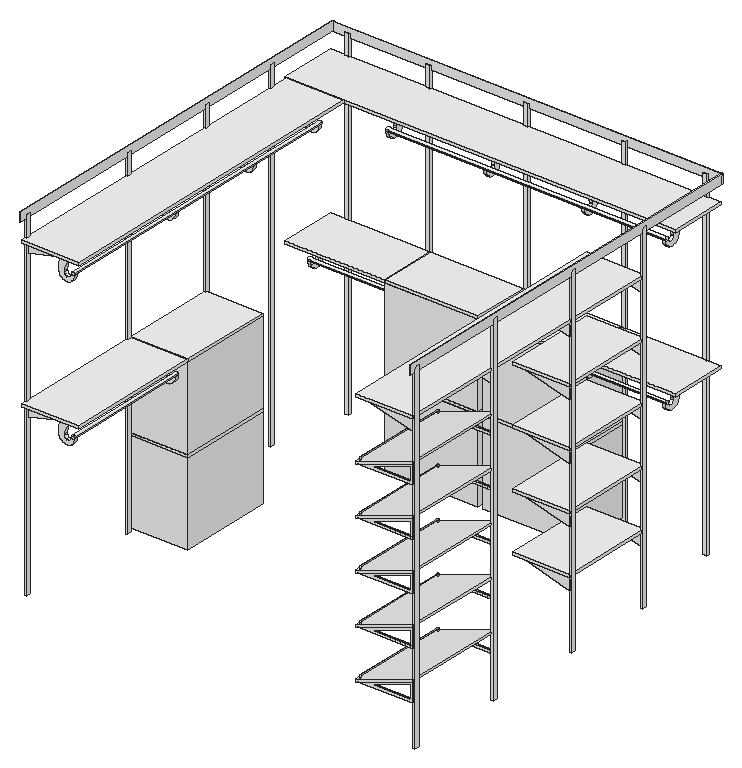
Revit family "ClosetMaid - ShelfTrack EVO - Solid Wood Melamine Walk-In Sample 8x8", category Specialty Equipment, Revit 2018
Family settings
  Round Connector Dimension = Use Diameter
  Part Type = Normal
  Work Plane-Based = No
  Always vertical = Yes
  Cut with Voids When Loaded = No
  Shared = No
  Room Calculation Point = No
Parameters (values of type "8x8 Sample Walk-In Closet")
  Wall Type [instance] = Wall Type : Drywall
  URL = "www.ClosetMaidPro.com"
  Type Comments = "5/8'' Solid Melamine Shelving"  # constant formula
  Support Material = White Finish
  Standards Length = 7' - 0"  # constant formula
  Shelf Width [instance] = 8' - 0"  # constant formula
  Shelf Material = White Finish
  Shelf Finish [instance] = "White Melamine"
  Shelf Depth = 1' - 2"  # constant formula
  Number of Units = 3
  Number of Standards = 13
  Number of Shelves = 9
  Number of Brackets = 27
  Mounting Height [instance] = 7' - 1"
  Manufacturer = "ClosetMaid"  # constant formula
  Keynote = "10 57 00"  # constant formula
  Drawer Material = White Finish
  Description = "8'x8' Solid Wood Shelving Sample Walk-In Unit"  # constant formula
  Created by = "ClosetMaid"  # constant formula
Reference planes (in)
  plane 1: z = 0
  plane 2 "Center (Left/Right)": x = 6
  plane 3 "Right": x = 54
  plane 4 "Left": x = -42
  plane 5 "Top": z = 85
  plane 6 "Back": y = 6
  plane 7 "Back of Shelf": y = 5.5
  plane 8: y = -90
  plane 9 "MV1": x = -38
  plane 10 "MV2": x = -18
  plane 11 "MV4": x = 30
  plane 12 "MV5": x = 50
  plane 13 "LV2": y = -57
  plane 14 "LV1": y = -88
  plane 15 "LV4": y = -13
  plane 16 "LV3": y = -33
  plane 17 "L4": z = 23
  plane 18 "RV1": y = -18
  plane 19 "RV2": y = -40
  plane 20 "RV3": y = -64
Lines and regions (in)
  Masking region 1
    outline origin (0, 0, 85) x (-1, 0, 0) y (0, -1, 0)
      loop
        line (42, -6) -> (42, 8.5) -> (-54, 8.5) -> (-54, -6) -> (42, -6)
  Masking region 2
    outline origin (0, 0, 0) x (1, 0, 0) y (0, 1, 0)
      loop
        line (-42, -8.5) -> (-42, -90) -> (-27.5, -90) -> (-27.5, -8.5) -> (-42, -8.5)
      loop
        line (54, -17.5) -> (39.5, -17.5) -> (39.5, -90) -> (54, -90) -> (54, -17.5)
  symbolic lines, style "SpecialityEquipmentHiddenLines"
    curve 1: line (-42, -6, 0) -> (54, -6, 0)
    curve 2: line (-18, 6, 0) -> (-18, -6, 0)
    curve 3: line (-38, -6, 0) -> (-38, 6, 0)
    curve 4: line (6, -6, 0) -> (6, 6, 0)
    curve 5: line (50, -6, 0) -> (50, 6, 0)
    curve 6: line (30, 6, 0) -> (30, -6, 0)
    curve 7: line (42, -40.5, 0) -> (54, -40.5, 0)
    curve 8: line (42, -63.5, 0) -> (54, -63.5, 0)
    curve 9: line (42, -88.5, 0) -> (54, -88.5, 0)
    curve 10: line (42, -17.5, 0) -> (42, -90, 0)
    curve 11: line (-30, -13, 0) -> (-30, -90, 0)
    curve 12: line (-30, -33.5, 0) -> (-42, -33.5, 0)
    curve 13: line (-42, -56.5, 0) -> (-30, -56.5, 0)
    curve 14: line (-42, -88.5, 0) -> (-30, -88.5, 0)
    curve 15: line (-30, -13, 0) -> (-42, -13, 0)
Dimensions and locks (in)
  plane 4 "Left" to plane 3 "Right" = 8' - 0"  (x2)
  locked: plane 6 "Back" to plane 7 "Back of Shelf" at 0.5
  "Mounting Height": plane 5 "Top" to level
  "Shelf Depth": plane 7 "Back of Shelf" to Masking region 1 sketch curve
  plane 4 "Left" to plane 2 "Center (Left/Right)" to plane 3 "Right" = 4' - 0", 4' - 0"
  nested 9 to nested 4 = 7' - 5"
  plane 6 "Back" to plane 8 = 8' - 0"
  plane 15 "LV4" to plane 8 = 6' - 5"
  nested 21 to level = 6' - 8"
  plane 4 "Left" to plane 10 "MV2" = 2' - 0"
  plane 10 "MV2" to plane 11 "MV4" = 4' - 0"
  plane 8 to plane 6 "Back" = 8' - 0"
  plane 8 to plane 14 "LV1" = 0' - 2"  (x2)
  plane 8 to plane 13 "LV2" = 2' - 9"
  plane 8 to plane 16 "LV3" = 4' - 9"
  plane 8 to plane 15 "LV4" = 6' - 5"
  plane 6 "Back" to plane 18 "RV1" = 2' - 0"
  plane 6 "Back" to plane 19 "RV2" = 3' - 10"
  plane 6 "Back" to plane 20 "RV3" = 5' - 10"
  plane 4 "Left" to plane 10 "MV2" to plane 11 "MV4" = 2' - 0", 4' - 0"
  plane 5 "Top" to level = 7' - 1"
  nested 53 to level = 5' - 10"
  nested 28 to nested 48 to nested 51 to nested 50 to nested 49 to level = 1' - 2", 1' - 2", 1' - 2", 1' - 2", 1' - 6"
  nested 52 to nested 41 to nested 40 to nested 39 to nested 38 to level = 1' - 0", 1' - 0", 1' - 0", 1' - 0", 1' - 4"
  level to nested 28 = 6' - 2"
  nested 21 to nested 62 to level = 3' - 0", 3' - 8"
  aligned and locked: level to plane 1
  aligned and locked: plane 4 "Left" to Masking region 1
  aligned and locked: plane 3 "Right" to Masking region 1
  aligned and locked: plane 6 "Back" to Masking region 1
  aligned and locked: nested 2 to plane 6 "Back"
  aligned and locked: nested 3 to plane 5 "Top"
  aligned and locked: nested 4 to plane 5 "Top"
  aligned and locked: nested 5 to plane 5 "Top"
  aligned and locked: nested 3 to plane 6 "Back"
  aligned and locked: nested 5 to plane 6 "Back"
  aligned and locked: nested 4 to plane 6 "Back"
  aligned and locked: nested 6 to plane 7 "Back of Shelf"
  aligned and locked: nested 7 to plane 7 "Back of Shelf"
  aligned and locked: nested 8 to plane 7 "Back of Shelf"
  aligned and locked: plane 4 "Left" to nested 2
  aligned and locked: nested 2 to plane 3 "Right"
  aligned and locked: nested 9 to plane 5 "Top"
  aligned and locked: nested 10 to plane 5 "Top"
  aligned and locked: nested 16 to plane 4 "Left"
  aligned and locked: nested 19 to plane 4 "Left"
  aligned and locked: nested 18 to plane 4 "Left"
  aligned and locked: nested 9 to plane 9 "MV1"
  aligned and locked: nested 10 to plane 11 "MV4"
  aligned and locked: nested 3 to plane 10 "MV2"
  aligned and locked: plane 14 "LV1" to nested 19
  aligned and locked: plane 2 "Center (Left/Right)" to nested 5
Automatic sketch dimensions
  curve 1 to plane 4 "Left" = 0' - 0"
  curve 14 to plane 4 "Left" = 0' - 0"
  curve 13 to plane 4 "Left" = 0' - 0"
  curve 12 to plane 4 "Left" = 0' - 0"
  curve 15 to plane 4 "Left" = 0' - 0"
  curve 3 to plane 9 "MV1" = 0' - 0"
  curve 11 to plane 8 = 0' - 0"
  curve 11 to plane 15 "LV4" = 0' - 0"
  curve 2 to plane 6 "Back" = 0' - 0"
  curve 2 to plane 10 "MV2" = 0' - 0"
  curve 4 to plane 2 "Center (Left/Right)" = 0' - 0"
  curve 6 to plane 11 "MV4" = 0' - 0"
  curve 10 to plane 8 = 0' - 0"
  curve 5 to plane 6 "Back" = 0' - 0"
  curve 5 to plane 12 "MV5" = 0' - 0"
  curve 1 to plane 3 "Right" = 0' - 0"
  curve 7 to plane 3 "Right" = 0' - 0"
  curve 9 to plane 3 "Right" = 0' - 0"
  curve 8 to plane 3 "Right" = 0' - 0"
  curve 6 to plane 6 "Back" = 0' - 0"
  curve 3 to plane 6 "Back" = 0' - 0"
  curve 4 to plane 6 "Back" = 0' - 0"
  curve 11 to plane 9 "MV1" = 0' - 8"
  plane 12 "MV5" to curve 10 = 0' - 8"
  curve 14 to plane 14 "LV1" = 0' - 0 1/2"
  curve 9 to plane 14 "LV1" = 0' - 0 1/2"
  curve 8 to plane 20 "RV3" = 0' - 0 1/2"
  plane 13 "LV2" to curve 13 = 0' - 0 1/2"
  plane 19 "RV2" to curve 7 = 0' - 0 1/2"
  plane 16 "LV3" to curve 12 = 0' - 0 1/2"
  curve 10 to plane 18 "RV1" = 0' - 0 1/2"
  plane 15 "LV4" to curve 6 = 0' - 7"
  Masking region 2 sketch curve to plane 4 "Left" = 0' - 0"
  Masking region 2 sketch curve to plane 8 = 0' - 0"  (x2)
  Masking region 2 sketch curve to plane 3 "Right" = 0' - 0"
  plane 10 "MV2" to Masking region 2 sketch curve = 0' - 9 1/2"
  Masking region 2 sketch curve to plane 11 "MV4" = 0' - 9 1/2"
  Masking region 2 sketch curve to plane 18 "RV1" = 0' - 0 1/2"
  plane 15 "LV4" to Masking region 2 sketch curve = 0' - 4 1/2"
  Masking region 1 sketch curve to plane 3 "Right" = 0' - 0"
  Masking region 1 sketch curve to plane 4 "Left" = 0' - 0"
  Masking region 1 sketch curve to plane 6 "Back" = 0' - 0"
Nested families (in)
  nested 1: "J-Hook Fixed - 4 Hook" at (-18, 5, 79.375), Bracket Material <- "Support Material", type "Default"
    with Width R 1' - 8", Width L 2' - 0", Width Center 2' - 0", Width 5' - 8 3/8", Show Center R JHook yes, Show Center L JHook yes, Right J-Hook Visible yes, Left J-Hook Visible yes, Depth 1' - 0", Bracket Material White Finish
  nested 2: "EVO Hang Track" at (5.2623, 29.75, 0), Track Height <- "Mounting Height", Material <- "Support Material", type "Hang Track"
    with Width 8' - 0", Track Height 7' - 1", Material White Finish
  nested 3: "Standard" at (-18.7377, 29.5, 1), Material <- "Support Material", type "Standard"
    with Material White Finish, Height 7' - 0"
  nested 4: "Standard" at (49.2623, 29.5, 1), Material <- "Support Material", type "Standard"
    with Material White Finish, Height 7' - 0"
  nested 5: "Standard" at (5.2623, 29.5, 1), Material <- "Support Material", type "Standard"
    with Material White Finish, Height 7' - 0"
  nested 6: "EVO Bracket" at (30, 5.5, 79.375), Support Material <- "Support Material", type "Default"
    with Support Material White Finish, Finish "", Depth 1' - 2"
  nested 7: "EVO Bracket" at (50, 5.5, 79.375), Support Material <- "Support Material", type "Default"
    with Support Material White Finish, Finish "", Depth 1' - 2"
  nested 8: "EVO Shelf" at (-42, 5.5, 80), Shelf Material <- "Shelf Material", type "EVO Shelf"
    with Shelf Material White Finish, Shelf Depth 1' - 2", Length 8' - 0"
  nested 9: "Standard" at (-38.7377, 29.5, 1), Material <- "Support Material", type "Standard"
    with Material White Finish, Height 7' - 0"
  nested 10: "Standard" at (29.2623, 29.5, 1), Material <- "Support Material", type "Standard"
    with Material White Finish, Height 7' - 0"
  nested 11: "EVO Bracket" at (-18, 5.5, 79.375) x (-1, 0, 0) z (0, 0, 1), Support Material <- "Support Material", type "Default"
    with Support Material White Finish, Finish "", Depth 1' - 2"
  nested 12: "EVO Bracket" at (-38, 5.5, 79.375) x (-1, 0, 0) z (0, 0, 1), Support Material <- "Support Material", type "Default"
    with Support Material White Finish, Finish "", Depth 1' - 2"
  nested 13: "EVO Bracket" at (6, 5.5, 79.375), Support Material <- "Support Material", type "Default"
    with Support Material White Finish, Finish "", Depth 1' - 2"
  nested 14: "Drawer for Assemblies" at (-17.5, 5.5, 23), Drawer Material <- "Drawer Material", Shelf Material <- "Shelf Material", type "Drawer for Assemblies"
    with Single Drawer no, Show Shelf on Top yes, Shelf Thickness 0' - 0 5/8", Shelf Material White Finish, Length 1' - 11", Height 1' - 9", Finish "", Drawer Material White Finish, Double Drawer yes
  nested 15: "Drawer for Assemblies" at (-17.5, 5.5, 2), Drawer Material <- "Drawer Material", Shelf Material <- "Shelf Material", type "Drawer for Assemblies"
    with Single Drawer no, Show Shelf on Top yes, Shelf Thickness 0' - 0 5/8", Shelf Material White Finish, Length 1' - 11", Height 1' - 9", Finish "", Drawer Material White Finish, Double Drawer yes
  nested 16: "EVO Hang Track" at (-65.75, -42.7377, 0) x (0, 1, 0) z (0, 0, 1), Track Height <- "Mounting Height", Material <- "Support Material", type "Hang Track"
    with Width 8' - 0", Track Height 7' - 1", Material White Finish
  nested 17: "Standard" at (-65.5, -57.7377, 1) x (0, 1, 0) z (0, 0, 1), Material <- "Support Material", type "Standard"
    with Material White Finish, Height 7' - 0"
  nested 18: "Standard" at (-65.5, -33.7377, 1) x (0, 1, 0) z (0, 0, 1), Material <- "Support Material", type "Standard"
    with Material White Finish, Height 7' - 0"
  nested 19: "Standard" at (-65.5, -88.7377, 1) x (0, 1, 0) z (0, 0, 1), Material <- "Support Material", type "Standard"
    with Material White Finish, Height 7' - 0"
  nested 20: "Drawer for Assemblies" at (-41.5, -56.5, 23) x (0, 1, 0) z (0, 0, 1), Drawer Material <- "Drawer Material", Shelf Material <- "Shelf Material", type "Drawer for Assemblies"
    with Single Drawer no, Show Shelf on Top yes, Shelf Thickness 0' - 0 5/8", Shelf Material White Finish, Length 1' - 11", Height 1' - 9", Finish "", Drawer Material White Finish, Double Drawer yes
  nested 21: "EVO Shelf" at (-41.5, -90, 80) x (0, 1, 0) z (0, 0, 1), type "EVO Shelf"
    with Shelf Material White Finish, Shelf Depth 1' - 2", Length 6' - 9 1/2"
  nested 22: "EVO Bracket" at (-41.5, -13, 79.375) x (0, -1, 0) z (0, 0, 1), Support Material <- "Support Material", type "Default"
    with Support Material White Finish, Finish "", Depth 1' - 1 1/4"
  nested 23: "EVO Bracket" at (-41.5, -33, 79.375) x (0, -1, 0) z (0, 0, 1), Support Material <- "Support Material", type "Default"
    with Support Material White Finish, Finish "", Depth 1' - 1 1/4"
  nested 24: "EVO Bracket" at (-41.5, -88, 79.375) x (0, -1, 0) z (0, 0, 1), Support Material <- "Support Material", type "Default"
    with Support Material White Finish, Finish "", Depth 1' - 1 1/4"
  nested 25: "J-Hook Fixed" at (-41.75, -57, 43.375) x (0, -1, 0) z (0, 0, 1), Bracket Material <- "Support Material", type "Default"
    with Width R 1' - 6 1/2", Width L 1' - 0 1/2", Width 2' - 7 3/8", Show Center JHook no, Right J-Hook Visible yes, Left J-Hook Visible yes, Depth 1' - 0", Bracket Material White Finish
  nested 26: "EVO Bracket" at (-41.5, -57, 43.375) x (0, -1, 0) z (0, 0, 1), Support Material <- "Support Material", type "Default"
    with Support Material White Finish, Finish "", Depth 1' - 1 1/4"
  nested 27: "EVO Bracket" at (-41.5, -88, 43.375) x (0, -1, 0) z (0, 0, 1), Support Material <- "Support Material", type "Default"
    with Support Material White Finish, Finish "", Depth 1' - 1 1/4"
  nested 28: "EVO Shelf" at (53.5, -88.5, 74) x (0, 1, 0) z (0, 0, 1), type "EVO Shelf"
    with Shelf Material White Finish, Shelf Depth 1' - 2", Length 5' - 11"
  nested 29: "EVO Bracket" at (53.5, -18, 59.375) x (0, -1, 0) z (0, 0, 1), Support Material <- "Support Material", type "Default"
    with Support Material White Finish, Finish "", Depth 1' - 1 1/4"
  nested 30: "EVO Bracket" at (53.5, -40, 73.375) x (0, -1, 0) z (0, 0, 1), Support Material <- "Support Material", type "Default"
    with Support Material White Finish, Finish "", Depth 1' - 1 1/4"
  nested 31: "EVO Bracket" at (53.5, -64, 73.375) x (0, -1, 0) z (0, 0, 1), Support Material <- "Support Material", type "Default"
    with Support Material White Finish, Finish "", Depth 1' - 1 1/4"
  nested 32: "EVO Hang Track" at (77.75, -42.7377, 0) x (0, 1, 0) z (0, 0, 1), Track Height <- "Mounting Height", Material <- "Support Material", type "Hang Track"
    with Width 8' - 0", Track Height 7' - 1", Material White Finish
  nested 33: "Standard" at (77.5, -64.7377, 1) x (0, 1, 0) z (0, 0, 1), Material <- "Support Material", type "Standard"
    with Material White Finish, Height 7' - 0"
  nested 34: "Standard" at (77.5, -18.7377, 1) x (0, 1, 0) z (0, 0, 1), Material <- "Support Material", type "Standard"
    with Material White Finish, Height 7' - 0"
  nested 35: "Standard" at (77.5, -88.7377, 1) x (0, 1, 0) z (0, 0, 1), Material <- "Support Material", type "Standard"
    with Material White Finish, Height 7' - 0"
  nested 36: "Standard" at (77.5, -40.7377, 1) x (0, 1, 0) z (0, 0, 1), Material <- "Support Material", type "Standard"
    with Material White Finish, Height 7' - 0"
  nested 37: "EVO Bracket" at (53.5, -40, 59.375) x (0, -1, 0) z (0, 0, 1), Support Material <- "Support Material", type "Default"
    with Support Material White Finish, Finish "", Depth 1' - 1 1/4"
  nested 38: "EVO Shoe Shelf" at (53.5, -63.5, 16) x (0, -1, 0) z (0, 0, 1), Support Material <- "Support Material", Shelf Material <- "Shelf Material", type "Default"
    with Support Material White Finish, Shelf Material White Finish, Length 2' - 1", Finish ""
  nested 39: "EVO Shoe Shelf" at (53.5, -63.5, 28) x (0, -1, 0) z (0, 0, 1), Support Material <- "Support Material", Shelf Material <- "Shelf Material", type "Default"
    with Support Material White Finish, Shelf Material White Finish, Length 2' - 1", Finish ""
  nested 40: "EVO Shoe Shelf" at (53.5, -63.5, 40) x (0, -1, 0) z (0, 0, 1), Support Material <- "Support Material", Shelf Material <- "Shelf Material", type "Default"
    with Support Material White Finish, Shelf Material White Finish, Length 2' - 1", Finish ""
  nested 41: "EVO Shoe Shelf" at (53.5, -63.5, 52) x (0, -1, 0) z (0, 0, 1), Support Material <- "Support Material", Shelf Material <- "Shelf Material", type "Default"
    with Support Material White Finish, Shelf Material White Finish, Length 2' - 1", Finish ""
  nested 42: "Drawer for Assemblies" at (29.5, 5.5, 23) x (-1, 0, 0) z (0, 0, 1), Drawer Material <- "Drawer Material", Shelf Material <- "Shelf Material", type "Drawer for Assemblies"
    with Single Drawer no, Show Shelf on Top yes, Shelf Thickness 0' - 0 5/8", Shelf Material White Finish, Length 1' - 11", Height 1' - 9", Finish "", Drawer Material White Finish, Double Drawer yes
  nested 43: "Drawer for Assemblies" at (29.5, 5.5, 2) x (-1, 0, 0) z (0, 0, 1), Drawer Material <- "Drawer Material", Shelf Material <- "Shelf Material", type "Drawer for Assemblies"
    with Single Drawer no, Show Shelf on Top yes, Shelf Thickness 0' - 0 5/8", Shelf Material White Finish, Length 1' - 11", Height 1' - 9", Finish "", Drawer Material White Finish, Double Drawer yes
  nested 44: "Standard" at (-65.5, -13.7377, 1) x (0, 1, 0) z (0, 0, 1), Material <- "Support Material", type "Standard"
    with Material White Finish, Height 7' - 0"
  nested 45: "EVO Bracket" at (-41.5, -57, 79.375) x (0, -1, 0) z (0, 0, 1), Support Material <- "Support Material", type "Default"
    with Support Material White Finish, Finish "", Depth 1' - 1 1/4"
  nested 46: "EVO Shelf" at (-41.5, -90, 44) x (0, 1, 0) z (0, 0, 1), type "EVO Shelf"
    with Shelf Material White Finish, Shelf Depth 1' - 2", Length 2' - 9 1/2"
  nested 47: "Drawer for Assemblies" at (-41.5, -56.5, 2) x (0, 1, 0) z (0, 0, 1), Drawer Material <- "Drawer Material", Shelf Material <- "Shelf Material", type "Drawer for Assemblies"
    with Single Drawer no, Show Shelf on Top yes, Shelf Thickness 0' - 0 5/8", Shelf Material White Finish, Length 1' - 11", Height 1' - 9", Finish "", Drawer Material White Finish, Double Drawer yes
  nested 48: "EVO Shelf" at (53.5, -40.5, 60) x (0, 1, 0) z (0, 0, 1), type "EVO Shelf"
    with Shelf Material White Finish, Shelf Depth 1' - 2", Length 1' - 11"
  nested 49: "EVO Shelf" at (53.5, -40.5, 18) x (0, 1, 0) z (0, 0, 1), type "EVO Shelf"
    with Shelf Material White Finish, Shelf Depth 1' - 2", Length 1' - 11"
  nested 50: "EVO Shelf" at (53.5, -40.5, 32) x (0, 1, 0) z (0, 0, 1), type "EVO Shelf"
    with Shelf Material White Finish, Shelf Depth 1' - 2", Length 1' - 11"
  nested 51: "EVO Shelf" at (53.5, -40.5, 46) x (0, 1, 0) z (0, 0, 1), type "EVO Shelf"
    with Shelf Material White Finish, Shelf Depth 1' - 2", Length 1' - 11"
  nested 52: "EVO Shoe Shelf" at (53.5, -63.5, 64) x (0, -1, 0) z (0, 0, 1), Support Material <- "Support Material", Shelf Material <- "Shelf Material", type "Default"
    with Support Material White Finish, Shelf Material White Finish, Length 2' - 1", Finish ""
  nested 53: "J-Hook Fixed" at (53.75, -40, 73.375) x (0, -1, 0) z (0, 0, 1), Bracket Material <- "Support Material", type "Default"
    with Width R 1' - 2 1/2", Width L 0' - 9 1/2", Width 2' - 0 3/8", Show Center JHook no, Right J-Hook Visible yes, Left J-Hook Visible yes, Depth 1' - 0", Bracket Material White Finish
  nested 54: "EVO Bracket" at (53.5, -18, 45.375) x (0, -1, 0) z (0, 0, 1), Support Material <- "Support Material", type "Default"
    with Support Material White Finish, Finish "", Depth 1' - 1 1/4"
  nested 55: "EVO Bracket" at (53.5, -40, 45.375) x (0, -1, 0) z (0, 0, 1), Support Material <- "Support Material", type "Default"
    with Support Material White Finish, Finish "", Depth 1' - 1 1/4"
  nested 56: "EVO Bracket" at (53.5, -18, 31.375) x (0, -1, 0) z (0, 0, 1), Support Material <- "Support Material", type "Default"
    with Support Material White Finish, Finish "", Depth 1' - 1 1/4"
  nested 57: "EVO Bracket" at (53.5, -40, 31.375) x (0, -1, 0) z (0, 0, 1), Support Material <- "Support Material", type "Default"
    with Support Material White Finish, Finish "", Depth 1' - 1 1/4"
  nested 58: "EVO Bracket" at (53.5, -18, 17.375) x (0, -1, 0) z (0, 0, 1), Support Material <- "Support Material", type "Default"
    with Support Material White Finish, Finish "", Depth 1' - 1 1/4"
  nested 59: "EVO Bracket" at (53.5, -40, 17.375) x (0, -1, 0) z (0, 0, 1), Support Material <- "Support Material", type "Default"
    with Support Material White Finish, Finish "", Depth 1' - 1 1/4"
  nested 60: "EVO Bracket" at (53.5, -88, 73.375) x (0, -1, 0) z (0, 0, 1), Support Material <- "Support Material", type "Default"
    with Support Material White Finish, Finish "", Depth 1' - 1 1/4"
  nested 61: "EVO Bracket" at (53.5, -18, 73.375) x (0, -1, 0) z (0, 0, 1), Support Material <- "Support Material", type "Default"
    with Support Material White Finish, Finish "", Depth 1' - 1 1/4"
  nested 62: "EVO Shelf" at (-42, 5.5, 44), Shelf Material <- "Shelf Material", type "EVO Shelf"
    with Shelf Material White Finish, Shelf Depth 1' - 2", Length 2' - 0 1/2"
  nested 63: "J-Hook Fixed" at (-18, 6, 43.375) x (-1, 0, 0) z (0, 0, 1), Bracket Material <- "Support Material", type "Default"
    with Width R 0' - 11", Width L 0' - 9", Width 1' - 8 3/8", Show Center JHook no, Right J-Hook Visible yes, Left J-Hook Visible yes, Depth 1' - 0", Bracket Material White Finish
  nested 64: "EVO Bracket" at (-18, 5.5, 43.375) x (-1, 0, 0) z (0, 0, 1), Support Material <- "Support Material", type "Default"
    with Support Material White Finish, Finish "", Depth 1' - 2"
  nested 65: "EVO Bracket" at (-38, 5.5, 43.375) x (-1, 0, 0) z (0, 0, 1), Support Material <- "Support Material", type "Default"
    with Support Material White Finish, Finish "", Depth 1' - 2"
  nested 66: "EVO Shelf" at (54, 5.5, 44) x (-1, 0, 0) z (0, 0, 1), Shelf Material <- "Shelf Material", type "EVO Shelf"
    with Shelf Material White Finish, Shelf Depth 1' - 2", Length 2' - 0 1/2"
  nested 67: "J-Hook Fixed" at (30, 5, 43.375), Bracket Material <- "Support Material", type "Default"
    with Width R 0' - 11", Width L 0' - 9", Width 1' - 8 3/8", Show Center JHook no, Right J-Hook Visible yes, Left J-Hook Visible yes, Depth 1' - 0", Bracket Material White Finish
  nested 68: "EVO Bracket" at (30, 5.5, 43.375), Support Material <- "Support Material", type "Default"
    with Support Material White Finish, Finish "", Depth 1' - 2"
  nested 69: "EVO Bracket" at (50, 5.5, 43.375), Support Material <- "Support Material", type "Default"
    with Support Material White Finish, Finish "", Depth 1' - 2"
  nested 70: "J-Hook Fixed - 4 Hook" at (-41.75, -13, 79.375) x (0, -1, 0) z (0, 0, 1), Bracket Material <- "Support Material", type "Default"
    with Width R 2' - 7", Width L 1' - 8", Width Center 2' - 0", Width 6' - 3 3/8", Show Center R JHook yes, Show Center L JHook yes, Right J-Hook Visible yes, Left J-Hook Visible yes, Depth 1' - 0", Bracket Material White Finish
Definition of nested family "J-Hook Fixed - 4 Hook"
  Parameters (values of type "Default")
    Width R [instance] = 1' - 0"
    Width L [instance] = 1' - 0"
    Width Center [instance] = 1' - 10 1/2"
    Width [instance] = Width L + Width R + Width Center + 0' 0 3/8"  # 3' - 10 7/8"
    Show Center R JHook [instance] = yes
    Show Center L JHook [instance] = yes
    Right J-Hook Visible [instance] = yes
    Left J-Hook Visible [instance] = yes
    Finish = ""
    Depth [instance] = 1' - 0"
    Bracket Material [instance] = none
  Reference planes (in)
    plane 1 "Back": y = 0
    plane 2: z = 0
    plane 3 "Left": x = 0
    plane 4 "Front": y = -12
    plane 5 "Array End Right": x = 46.5
    plane 6: x = 12
    plane 7 "Back of Lip": y = -11.5
    plane 8 "Base of Shelf": z = 0
    plane 9: x = 34.5
    plane 10 "CL Hang Rod": z = -3.375
  Forms (in)
    Extrusion 1, solid, material <- "Bracket Material"
      sketch origin (0, -0.5, 0) x (0, 1, 0) y (0, 0, 1)
        loop
          circle (-11.125, -3.375) r 0.375
      from -0.375 to 46.875 <- "Width"
  Dimensions and locks (in)
    locked: plane 4 "Front" to plane 1 "Back" at 12
    "Width L": plane 3 "Left" to plane 6
    "Width R": plane 9 to plane 5 "Array End Right"
    "Width Center": plane 6 to plane 9
    aligned and locked: level to plane 2
    aligned and locked: nested 1 to plane 8 "Base of Shelf"
    aligned and locked: plane 8 "Base of Shelf" to nested 1
    aligned and locked: nested 3 to plane 8 "Base of Shelf"
    aligned and locked: nested 2 to plane 8 "Base of Shelf"
    aligned and locked: nested 1 to plane 4 "Front"
    aligned and locked: nested 3 to plane 4 "Front"
    aligned and locked: nested 2 to plane 4 "Front"
    aligned and locked: nested 3 to plane 6
    aligned and locked: nested 2 to plane 5 "Array End Right"
    aligned and locked: nested 1 to plane 3 "Left"
    aligned and locked: nested 4 to plane 4 "Front"
    aligned and locked: nested 4 to plane 9
  Automatic sketch dimensions
    Extrusion 1 sketch curve to plane 7 "Back of Lip" = 0' - 0 1/8"
    Extrusion 1 sketch curve to level = 0' - 3 3/8"
    radius of Extrusion 1 sketch curve = 0' - 0 3/8"
  Nested families (in)
    nested 1: "J-Bracket" at (0.7377, -35.53906, -5.6875) x (-1, 0, 0) z (0, 0, 1), visible <- "Left J-Hook Visible", Material <- "Bracket Material", type "J-Bracket"
    nested 2: "J-Bracket" at (47.2377, -35.53906, -5.6875) x (-1, 0, 0) z (0, 0, 1), visible <- "Right J-Hook Visible", Material <- "Bracket Material", type "J-Bracket"
    nested 3: "J-Bracket" at (12.7377, -35.53906, -5.6875) x (-1, 0, 0) z (0, 0, 1), visible <- "Show Center L JHook", Material <- "Bracket Material", type "J-Bracket"
    nested 4: "J-Bracket" at (35.2377, -35.53906, -5.6875) x (-1, 0, 0) z (0, 0, 1), visible <- "Show Center R JHook", Material <- "Bracket Material", type "J-Bracket"
  Definition of nested family "J-Bracket"
    Parameters (values of type "J-Bracket")
      Material [instance] = none
    Reference planes (in)
      plane 1: z = 0
      plane 2 "Center (Left/Right)": x = 0.7377
      plane 3 "Left": x = 0.3627
      plane 4 "Right": x = 1.1127
      plane 5 "Front": y = -24.03906
      plane 6 "Top": z = 5.6875
    Forms (in)
      Extrusion 1, solid, material <- "Material"
        sketch origin (1.1127, -3.5, 0.15319) x (0, -1, 0) y (0, 0, 1)
          loop
            line (20.03906, 2.12155) -> (20.03906, 1.87155)
            arc (20.03906, 1.87155) -> (22.03906, -0.12845) -> (24.03906, 1.87155) r 2
            line (24.03906, 1.87155) -> (24.03906, 2.62155)
            arc (24.03906, 2.62155) -> (23.60685, 4.288) -> (22.41918, 5.53431) r 3.42869
            line (22.41918, 5.53431) -> (20.53906, 5.53431) -> (20.53906, 4.74655)
            arc (20.53906, 4.74655) -> (21.98209, 3.7716) -> (22.53906, 2.12155) r 2.72266
            line (22.53906, 2.12155) -> (22.53906, 1.79794)
            arc (22.53906, 1.79794) -> (21.66406, 0.92294) -> (20.78906, 1.79794) r 0.875
            line (20.78906, 1.79794) -> (20.78906, 2.12155) -> (20.03906, 2.12155)
        from 0 to 0.75
    Dimensions and locks (in)
      plane 3 "Left" to plane 2 "Center (Left/Right)" to plane 4 "Right" = 0' - 0 3/8", 0' - 0 3/8"
      level to plane 6 "Top" = 0' - 5 11/16"
      locked: plane 6 "Top" to level at 5.6875
      aligned and locked: plane 1 to level
      aligned and locked: plane 3 "Left" to Extrusion 1
Definition of nested family "EVO Hang Track"
  Parameters (values of type "Hang Track")
    Width [instance] = 8' - 0"
    Material [instance] = none
    Track Height [instance] = 7' - 6"
  Reference planes (in)
    plane 1 "Back": y = -23.75
    plane 2 "Center (Left/Right)": x = 0.7377
    plane 3 "Left": x = -47.2623
    plane 4 "Right": x = 48.7377
    plane 5 "Front": y = -24
    plane 6 "Top": z = 91.125
    plane 7: z = 88.875
    plane 8: x = -44.2623
    plane 9: x = 45.7377
    plane 10 "CL": z = 90
  Forms (in)
    Extrusion 1, solid, material <- "Material"
      sketch origin (0, 0, 0) x (1, 0, 0) y (0, 1, 0)
        loop
          line (-47.2623, -23.75) -> (-47.2623, -24) -> (48.7377, -24) -> (48.7377, -23.75) -> (-47.2623, -23.75)
      from 88.875 to 91.125
  Dimensions and locks (in)
    "Width": plane 3 "Left" to plane 4 "Right"
    equal spacing: plane 3 "Left", plane 2 "Center (Left/Right)", plane 4 "Right"
    "Track Height": plane 10 "CL" to level
    locked: plane 6 "Top" to plane 7 at 2.25
    locked: plane 8 to plane 3 "Left" at 3
    locked: plane 9 to plane 4 "Right" at 3
    equal spacing: plane 6 "Top", plane 10 "CL", plane 7
    locked: plane 5 "Front" to plane 1 "Back" at 0.25
    aligned and locked: plane 1 "Back" to Extrusion 1 sketch curve
    aligned and locked: Extrusion 1 sketch curve to plane 5 "Front"
    aligned and locked: plane 3 "Left" to Extrusion 1
    aligned and locked: Extrusion 1 to plane 4 "Right"
    aligned and locked: Extrusion 1 to plane 1 "Back"
    aligned and locked: Extrusion 1 to plane 6 "Top"
    aligned and locked: plane 6 "Top" to Extrusion 1
    aligned and locked: Extrusion 1 to plane 7
  Automatic sketch dimensions
    Extrusion 1 sketch curve to plane 3 "Left" = 0' - 0"
    Extrusion 1 sketch curve to plane 4 "Right" = 0' - 0"
Definition of nested family "Standard"
  Parameters (values of type "Standard")
    Material [instance] = none
    Height [instance] = 7' - 0"
  Reference planes (in)
    plane 1 "Back": y = -23.5
    plane 2 "Center (Left/Right)": x = 0.7377
    plane 3 "Left": x = 0.2377
    plane 4 "Right": x = 1.2377
    plane 5 "Front": y = -24
    plane 6 "Top": z = 84
  Forms (in)
    Extrusion 1, solid, material <- "Material"
      sketch origin (0, 0, 0) x (1, 0, 0) y (0, 1, 0)
        loop
          line (0.2377, -23.5) -> (0.2377, -24) -> (1.2377, -24) -> (1.2377, -23.5) -> (0.2377, -23.5)
      from 0 to 84
  Dimensions and locks (in)
    locked: plane 5 "Front" to plane 1 "Back" at 0.5
    locked: plane 3 "Left" to plane 4 "Right" at 1
    equal spacing: plane 3 "Left", plane 2 "Center (Left/Right)", plane 4 "Right"
    "Height": plane 6 "Top" to level
    aligned and locked: plane 1 "Back" to Extrusion 1 sketch curve
    aligned and locked: Extrusion 1 sketch curve to plane 3 "Left"
    aligned and locked: Extrusion 1 sketch curve to plane 5 "Front"
    aligned and locked: plane 4 "Right" to Extrusion 1 sketch curve
    aligned and locked: Extrusion 1 to plane 6 "Top"
    aligned and locked: Extrusion 1 to level
Definition of nested family "EVO Bracket"
  Parameters (values of type "Default")
    Support Material [instance] = none
    Finish [instance] = ""
    Depth [instance] = 1' - 2"
  Reference planes (in)
    plane 1 "Back": y = 0
    plane 2: z = 0
    plane 3 "Center L/R": x = 0
    plane 4 "Right": x = 0.25
    plane 5 "Front": y = -14
    plane 6 "Top": z = 0
    plane 7: z = -3
    plane 8: y = -12.5
    plane 9 "Left": x = -0.25
  Forms (in)
    Extrusion 1, solid, material <- "Support Material"
      sketch origin (0, 0, 0) x (0, 1, 0) y (0, 0, 1)
        loop
          line (0, 0) -> (-12.5, 0) -> (0, -3) -> (0, 0)
      from -0.25 to 0.25
  Dimensions and locks (in)
    plane 6 "Top" to level = 0' - 0"
    "Depth": plane 5 "Front" to plane 1 "Back"
    locked: level to plane 7 at 3
    locked: plane 8 to plane 5 "Front" at 1.5
    plane 9 "Left" to plane 3 "Center L/R" to plane 4 "Right" = 0' - 0 1/4" locked, 0' - 0 1/4" locked
    aligned and locked: level to plane 2
    aligned and locked: Extrusion 1 sketch curve to plane 6 "Top"
    aligned and locked: plane 1 "Back" to Extrusion 1 sketch curve
    aligned and locked: plane 7 to Extrusion 1 sketch curve
    aligned and locked: plane 8 to Extrusion 1 sketch curve
    aligned and locked: plane 4 "Right" to Extrusion 1
    aligned and locked: Extrusion 1 to plane 9 "Left"
Definition of nested family "EVO Shelf"
  Parameters (values of type "EVOTrack Shelf")
    Shelf Material [instance] = none
    Length [instance] = 8' - 0"
    Shelf Depth [instance] = 1' - 0"
  Reference planes (in)
    plane 1 "Back": y = 0
    plane 2: z = 0
    plane 3 "Left": x = 0
    plane 4 "Right": x = 96
    plane 5 "Front": y = -12
    plane 6 "Bottom of Shelf": z = -0.625
  Forms (in)
    Extrusion 1, solid, material <- "Shelf Material"
      sketch origin (0, 0, 0) x (1, 0, 0) y (0, 1, 0)
        loop
          line (96, 0) -> (0, 0) -> (0, -12) -> (96, -12) -> (96, 0)
      from -0.625 to 0
  Dimensions and locks (in)
    "Length": plane 3 "Left" to plane 4 "Right"
    "Shelf Depth": plane 5 "Front" to plane 1 "Back"
    locked: level to plane 6 "Bottom of Shelf" at 0.625
    aligned and locked: level to plane 2
    aligned and locked: Extrusion 1 sketch curve to plane 1 "Back"
    aligned and locked: Extrusion 1 sketch curve to plane 4 "Right"
    aligned and locked: Extrusion 1 sketch curve to plane 5 "Front"
    aligned and locked: Extrusion 1 sketch curve to plane 3 "Left"
    aligned and locked: Extrusion 1 to plane 5 "Front"
    aligned and locked: Extrusion 1 to plane 1 "Back"
    aligned and locked: plane 4 "Right" to Extrusion 1
    aligned and locked: Extrusion 1 to plane 3 "Left"
Definition of nested family "Drawer for Assemblies"
  Parameters (values of type "Drawer for Assemblies")
    Single Drawer [instance] = no
    Show Shelf on Top [instance] = yes
    Shelf Thickness [instance] = 0' - 0 5/8"
    Shelf Material [instance] = none
    Length [instance] = 1' - 11"
    Height [instance] = if(Double Drawer, 1' 9", 0' 11")  # 1' - 9"
    Finish [instance] = ""
    Drawer Material [instance] = none
    Double Drawer [instance] = not(Single Drawer)  # yes
  Reference planes (in)
    plane 1 "Back": y = 0
    plane 2: z = 0
    plane 3 "Left": x = 0
    plane 4 "Right": x = 23
    plane 5 "Front": y = -14
    plane 6 "Top": z = 21
    plane 7 "Bottom of Shelf": z = 20.375
    plane 8: z = 18
    plane 9: z = 7.1875
    plane 10: z = 10.1875
  Forms (in)
    Extrusion 1, solid, material <- "Shelf Material", visible <- "Show Shelf on Top"
      sketch origin (0, 0, 0) x (1, 0, 0) y (0, 1, 0)
        loop
          line (23, 0) -> (0, 0) -> (0, -14) -> (23, -14) -> (23, 0)
      from 20.375 to 21
    Extrusion 2, solid, material <- "Drawer Material"
      sketch origin (0, 0, 0) x (1, 0, 0) y (0, 0, 1)
        loop
          line (0, 20.375) -> (0, 0) -> (23, 0) -> (23, 20.375) -> (0, 20.375)
      from 0 to 14
  Lines and regions (in)
    model lines
      curve 1: line (9.5, -14, 18) -> (13.5, -14, 18)
    model lines, visible <- "Double Drawer"
      curve 2: line (0, -14, 10.1875) -> (23, -14, 10.1875)
      curve 3: line (9.5, -14, 7.1875) -> (13.5, -14, 7.1875)
  Dimensions and locks (in)
    "Shelf Thickness": plane 6 "Top" to plane 7 "Bottom of Shelf"
    "Height": plane 6 "Top" to level
    "Length": plane 3 "Left" to plane 4 "Right"
    "Depth": plane 5 "Front" to plane 1 "Back"
    locked: plane 6 "Top" to plane 8 at 3
    locked: plane 10 to plane 9 at 3
    aligned and locked: level to plane 2
    aligned and locked: Extrusion 1 sketch curve to plane 1 "Back"
    aligned and locked: Extrusion 1 sketch curve to plane 4 "Right"
    aligned and locked: Extrusion 1 sketch curve to plane 5 "Front"
    aligned and locked: Extrusion 1 sketch curve to plane 3 "Left"
    aligned and locked: plane 6 "Top" to Extrusion 1
    aligned and locked: Extrusion 1 to plane 7 "Bottom of Shelf"
    aligned and locked: plane 3 "Left" to Extrusion 2 sketch curve
    aligned and locked: Extrusion 2 sketch curve to plane 7 "Bottom of Shelf"
    aligned and locked: Extrusion 2 sketch curve to plane 4 "Right"
    aligned and locked: level to Extrusion 2 sketch curve
    aligned and locked: Extrusion 2 to plane 1 "Back"
    aligned and locked: plane 4 "Right" to Extrusion 2
    aligned and locked: Extrusion 2 to plane 5 "Front"
    aligned and locked: curve 2 to plane 10
    aligned and locked: curve 3 to plane 9
  Automatic sketch dimensions
    curve 1 to plane 8 = 0' - 0"
    curve 1 to plane 4 "Right" = 0' - 9 1/2"
    curve 2 to plane 4 "Right" = 0' - 0"
    curve 2 to plane 3 "Left" = 0' - 0"
    curve 3 to plane 4 "Right" = 0' - 9 1/2"
    curve 3 to curve 3 = 0' - 4"
    curve 1 to curve 1 = 0' - 4"
Definition of nested family "J-Hook Fixed"
  Parameters (values of type "Default")
    Width R [instance] = 3' - 0"
    Width L [instance] = 1' - 0"
    Width [instance] = Width L + Width R + 0' 0 3/8"  # 4' - 0 3/8"
    Show Center JHook [instance] = yes
    Right J-Hook Visible [instance] = no
    Left J-Hook Visible [instance] = yes
    Finish = ""
    Depth [instance] = 1' - 0"
    Bracket Material [instance] = none
  Reference planes (in)
    plane 1 "Back": y = 0
    plane 2: z = 0
    plane 3 "Left": x = 0
    plane 4 "Front": y = -12
    plane 5 "Array End Right": x = 48
    plane 6: x = 12
    plane 7 "Back of Lip": y = -11.5
    plane 8 "Base of Shelf": z = 0
    plane 9 "CL Hang Rod": z = -3.375
  Forms (in)
    Extrusion 1, solid, material <- "Bracket Material"
      sketch origin (0, -0.5, 0) x (0, 1, 0) y (0, 0, 1)
        loop
          circle (-11.125, -3.375) r 0.375
      from -0.375 to 48.375 <- "Width"
  Dimensions and locks (in)
    locked: plane 4 "Front" to plane 1 "Back" at 12
    "Width L": plane 3 "Left" to plane 6
    "Width R": plane 6 to plane 5 "Array End Right"
    level to plane 9 "CL Hang Rod" = 0' - 3 3/8"
    aligned and locked: level to plane 2
    aligned and locked: nested 1 to plane 8 "Base of Shelf"
    aligned and locked: plane 8 "Base of Shelf" to nested 1
    aligned and locked: nested 3 to plane 8 "Base of Shelf"
    aligned and locked: nested 2 to plane 8 "Base of Shelf"
    aligned and locked: nested 1 to plane 4 "Front"
    aligned and locked: nested 3 to plane 4 "Front"
    aligned and locked: nested 2 to plane 4 "Front"
    aligned and locked: nested 3 to plane 6
    aligned and locked: nested 2 to plane 5 "Array End Right"
    aligned and locked: nested 1 to plane 3 "Left"
  Automatic sketch dimensions
    Extrusion 1 sketch curve to plane 7 "Back of Lip" = 0' - 0 1/8"
    Extrusion 1 sketch curve to level = 0' - 3 3/8"
    radius of Extrusion 1 sketch curve = 0' - 0 3/8"
  Nested families (in)
    nested 1: "J-Bracket" at (0.7377, -35.53906, -5.6875) x (-1, 0, 0) z (0, 0, 1), visible <- "Left J-Hook Visible", Material <- "Bracket Material", type "J-Bracket"
    nested 2: "J-Bracket" at (48.7377, -35.53906, -5.6875) x (-1, 0, 0) z (0, 0, 1), visible <- "Right J-Hook Visible", Material <- "Bracket Material", type "J-Bracket"
    nested 3: "J-Bracket" at (12.7377, -35.53906, -5.6875) x (-1, 0, 0) z (0, 0, 1), visible <- "Show Center JHook", Material <- "Bracket Material", type "J-Bracket"
  Definition of nested family "J-Bracket"
    Parameters (values of type "J-Bracket")
      Material [instance] = none
    Reference planes (in)
      plane 1: z = 0
      plane 2 "Center (Left/Right)": x = 0.7377
      plane 3 "Left": x = 0.3627
      plane 4 "Right": x = 1.1127
      plane 5 "Front": y = -24.03906
      plane 6 "Top": z = 5.6875
    Forms (in)
      Extrusion 1, solid, material <- "Material"
        sketch origin (1.1127, -3.5, 0.15319) x (0, -1, 0) y (0, 0, 1)
          loop
            line (20.03906, 2.12155) -> (20.03906, 1.87155)
            arc (20.03906, 1.87155) -> (22.03906, -0.12845) -> (24.03906, 1.87155) r 2
            line (24.03906, 1.87155) -> (24.03906, 2.62155)
            arc (24.03906, 2.62155) -> (23.60685, 4.288) -> (22.41918, 5.53431) r 3.42869
            line (22.41918, 5.53431) -> (20.53906, 5.53431) -> (20.53906, 4.74655)
            arc (20.53906, 4.74655) -> (21.98209, 3.7716) -> (22.53906, 2.12155) r 2.72266
            line (22.53906, 2.12155) -> (22.53906, 1.79794)
            arc (22.53906, 1.79794) -> (21.66406, 0.92294) -> (20.78906, 1.79794) r 0.875
            line (20.78906, 1.79794) -> (20.78906, 2.12155) -> (20.03906, 2.12155)
        from 0 to 0.75
    Dimensions and locks (in)
      plane 3 "Left" to plane 2 "Center (Left/Right)" to plane 4 "Right" = 0' - 0 3/8", 0' - 0 3/8"
      level to plane 6 "Top" = 0' - 5 11/16"
      locked: plane 6 "Top" to level at 5.6875
      aligned and locked: plane 1 to level
      aligned and locked: plane 3 "Left" to Extrusion 1
Definition of nested family "EVO Shoe Shelf"
  Parameters (values of type "Default")
    Support Material [instance] = none
    Shelf Material [instance] = none
    Length [instance] = 4' - 0"
    Finish [instance] = ""
  Reference planes (in)
    plane 1 "Back": y = 0
    plane 2: z = 0
    plane 3 "Left": x = 0
    plane 4 "Right": x = 48
    plane 5 "Front": y = -14
    plane 6 "wire stop": y = -13.5
  Forms (in)
    Extrusion 1, solid, material <- "Shelf Material"
      sketch origin (0, 0, -14.5) x (0, 1, 0) y (0, 0, 1)
        loop
          line (0, 14.5) -> (-14, 9.625) -> (-14, 9.125) -> (0, 14) -> (0, 14.5)
      from 0 to 48
    Sweep 2, solid, material <- "Shelf Material"
      path origin (0, -13.5, 0.375) x (0, 0, 1) y (-1, 0, 0)
        loop
          line (-5.3125, -0.5) -> (-4.6875, -0.5)
          arc (-4.6875, -0.5) -> (-4.59911, -0.53661) -> (-4.5625, -0.625) r 0.125
          line (-4.5625, -0.625) -> (-4.5625, -47.375)
          arc (-4.5625, -47.375) -> (-4.59911, -47.46339) -> (-4.6875, -47.5) r 0.125
          line (-4.6875, -47.5) -> (-5.3125, -47.5)
      profile origin (0.5, -13.5, -4.625) x (-1, 0, 0) y (0, -1, 0)
        loop
          circle (0, 0) r 0.0937
    Extrusion 3, solid, material <- "Support Material"
      sketch origin (0, 0, 0) x (0, 1, 0) y (0, 0, 1)
        loop
          line (-13.5, -5.20089) -> (0, -5.20089) -> (0, -0.5) -> (-13.5, -5.20089)
        loop
          line (-0.5, -1.20355) -> (-10.54364, -4.70089) -> (-0.5, -4.70089) -> (-0.5, -1.20355)
      from 0 to 0.5
    Extrusion 4, solid, material <- "Support Material"
      sketch origin (48, 0, 0) x (0, 1, 0) y (0, 0, 1)
        loop
          line (-13.5, -5.20089) -> (0, -5.20089) -> (0, -0.5) -> (-13.5, -5.20089)
        loop
          line (-0.5, -1.20355) -> (-10.54364, -4.70089) -> (-0.5, -4.70089) -> (-0.5, -1.20355)
      from 0 to -0.5
  Cuts and joins
    joined: Extrusion 1, Sweep 2
  Dimensions and locks (in)
    "Length": plane 3 "Left" to plane 4 "Right"
    plane 6 "wire stop" to plane 5 "Front" = 0' - 0 1/2"
    locked: plane 1 "Back" to plane 5 "Front" at 14
    aligned and locked: level to plane 2
    aligned and locked: plane 1 "Back" to Extrusion 1 sketch curve
    aligned and locked: plane 5 "Front" to Extrusion 1 sketch curve
    aligned and locked: plane 4 "Right" to Extrusion 1
  Automatic sketch dimensions
    plane 1 "Back" to Sweep 2 sketch curve = 1' - 1 1/2"
    Sweep 2 sketch curve to profile plane = 0' - 0"
    Sweep 2 sketch curve to Sweep 2 sketch curve = 0' - 0 5/8"  (x2)
    Sweep 2 sketch curve to Sweep 2 sketch curve = 0' - 0 1/8"
    Sweep 2 sketch curve to plane 4 "Right" = 0' - 0 1/2"
    plane 3 "Left" to Sweep 2 sketch curve = 0' - 0 5/8"
    Extrusion 1 sketch curve to level = 0' - 0"
    Extrusion 1 sketch curve to Extrusion 1 sketch curve = 0' - 0 1/2"  (x2)
    Extrusion 1 sketch curve to level = 0' - 4 7/8"
    Sweep 2 sketch curve to level = 0' - 4 5/16"  (x2)
    Extrusion 3 sketch curve to plane 6 "wire stop" = 0' - 0"
    Extrusion 3 sketch curve to plane 6 "wire stop" = 0' - 2.95636"
    Extrusion 3 sketch curve to plane 1 "Back" = 0' - 0"
    plane 1 "Back" to Extrusion 3 sketch curve = 0' - 0 1/2"
    Extrusion 3 sketch curve to level = 0' - 5.20089"
    Extrusion 3 sketch curve to level = 0' - 1.20355"
    Extrusion 3 sketch curve to level = 0' - 0 1/2"
    Extrusion 3 sketch curve to Extrusion 3 sketch curve = 0' - 0 1/2"
    Extrusion 4 sketch curve to plane 6 "wire stop" = 0' - 0"
    Extrusion 4 sketch curve to plane 1 "Back" = 0' - 0"
    Extrusion 4 sketch curve to plane 6 "wire stop" = 0' - 2.95636"
    plane 1 "Back" to Extrusion 4 sketch curve = 0' - 0 1/2"
    Extrusion 4 sketch curve to level = 0' - 5.20089"
    Extrusion 4 sketch curve to Extrusion 4 sketch curve = 0' - 0 1/2"
    Extrusion 4 sketch curve to level = 0' - 1.20355"
    Extrusion 4 sketch curve to level = 0' - 0 1/2"
    radius of Sweep 2 sketch curve = 0' - 0.0937"
